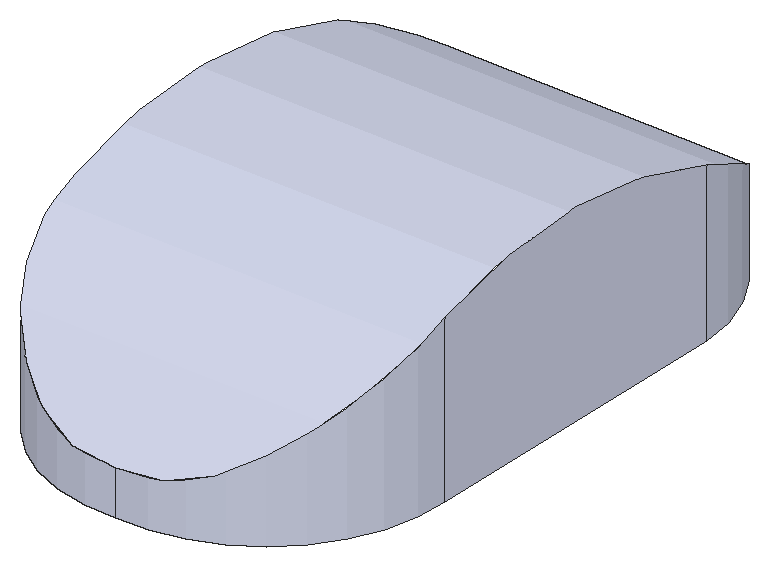
Revit family "VALVULA MONO RADIAL DE 2", category Pipe Accessories, Revit 2020
Family settings
  Round Connector Dimension = Use Diameter
  Part Type = Valve - Breaks Into
  Work Plane-Based = No
  Always vertical = Yes
  Cut with Voids When Loaded = No
  Shared = No
Parameters (values of type "VALVULA MONO RADIAL DE 2"")
  URL = "https://pcpplasticos.co/wp-content/uploads/2022/09/CATALOGO-2022-FERRETERIA-PCP-OK-low.pdf"
  SKU = "3187"
  Model = SKU  # "3187"
  Manufacturer = "PCP PLASTICOS"
  Imagen = "https://pcpplasticos.co/wp-content/uploads/2022/09/CATALOGO-2022-FERRETERIA-PCP-OK-low.pdf"
  Email = "servicioalcliente@PCPplasticos.com"
  Description = "VALVULA MONO RADIAL DE 2\""
  Default Elevation = 0 mm
Reference planes
  plane 1 "Center (Front/Back)": y = 0
  plane 2: z = 0
  plane 3 "Center (Left/Right)": x = 0
Forms (mm)
  Extrusion 1, solid, material "202_209_238"
    sketch origin (0, 0, 0) x (1, 0, 0) y (0, 1, 0)
      loop
        arc (-3.724, -34.953) -> (10.132, -29.913) -> (15.525, -16.192) r 17.93
        line (15.525, -16.192) -> (15.525, 17.955)
        arc (15.525, 17.955) -> (9.485, 30.513) -> (-3.724, 34.953) r 17.93
        arc (-3.724, 34.953) -> (-16.933, 30.513) -> (-22.972, 17.955) r 17.93
        line (-22.972, 17.955) -> (-22.972, -16.192)
        arc (-22.972, -16.192) -> (-17.579, -29.913) -> (-3.724, -34.953) r 17.93
    from 27.443 to 47.505
  Extrusion 2, void
    sketch origin (0, 0, 0) x (0, 1, 0) y (0, 0, 1)
      loop
        circle (0, 0) r 70
      loop
        circle (0, 0) r 47.437
    from -26.991 to 19.228
Cuts and joins
  Extrusion 2 cuts Extrusion 1
Dimensions and locks
  aligned and locked: level to plane 2
Connectors
  piping at (83.724, 0, 0), diameter 50.8
    settings: on import instance, index 1, connector inside diameter 609.6 mm, connector length 0 mm, flow factor 0, pipe flow 0.0 L/s, pressure drop 0.0 Pa, fitting loss kfactor 0, connector angle 0.00°, fixture units 0, engagement length 0 mm, angle of deflection 0.00°, flow configuration 0, flow direction 0, fitting loss method 0, system type 7, joint type 0, gender type 0, connector reference index -1, connector utility 0, adjustable connector no, is connector primary yes, connector description ""
  piping at (-83.724, 0, 0), diameter 50.8
    settings: on import instance, index 2, connector inside diameter 609.6 mm, connector length 0 mm, flow factor 0, pipe flow 0.0 L/s, pressure drop 0.0 Pa, fitting loss kfactor 0, connector angle 0.00°, fixture units 0, engagement length 0 mm, angle of deflection 0.00°, flow configuration 0, flow direction 0, fitting loss method 0, system type 7, joint type 0, gender type 0, connector reference index -1, connector utility 0, adjustable connector no, is connector primary no, connector description ""
